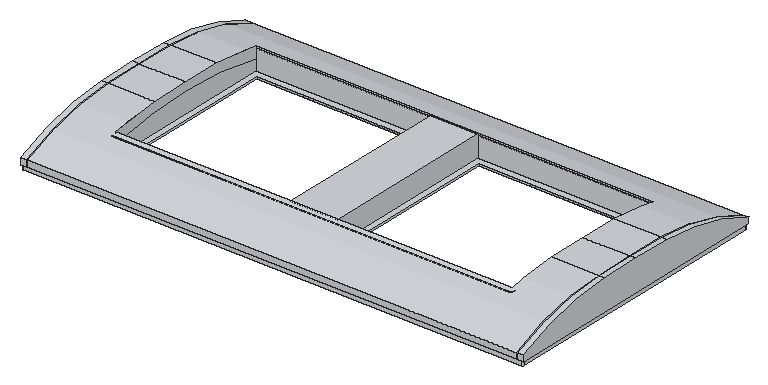
Revit family "Gira_0212723", category Electrical Fixtures, host Face, Revit 2017
Family settings
  Host = Face
  Maintain Annotation Orientation = No
  Round Connector Dimension = Use Diameter
  Part Type = Normal
  Cut with Voids When Loaded = No
  Shared = No
  Room Calculation Point = No
Parameters (values of type "Abdeckrahmen 2f Zwischenr. RW Gira Event Klar Weiß")
  Werkstoffgüte = "Thermoplast"
  Werkstoff = "Kunststoff"
  URL = "http://katalog.gira.de/de_DE/datenblatt.html?artikelnr=0212723"
  Transparent = "No"
  Textfeld/Beschriftungsfläche = "No"
  Schutzart (IP) = "IP20"
  Region = "DE"
  Oberfläche = "sonstige"
  Name = "Abdeckrahmen 2f Zwischenr. RW Gira Event Klar Weiß"
  Montagerichtung = "horizontal und vertikal"
  Mit Montagerahmen = "No"
  Mit Klappdeckel = "No"
  Manufacturer URL = "https://www.gira.de/"
  Keynote = "Event_Rahmen_2fach"
  HeinzeBIM = "https://bimportal.heinze.de/bim/abdeckrahmen-2f-zwischenr-rw-gira-event-klar-weiss/7d542c103634d0174596c802cec49dde8ae156fe"
  Halogenfrei = "Yes"
  HAN = "0212723"
  Geeignet für Unterputz-Installation = "Yes"
  Geeignet für Unterflurkanaldose = "No"
  Geeignet für Geräteeinbaukanal = "No"
  Geeignet für Einbauinstallation = "No"
  GTIN = "4010337068662"
  Farbe = "weiß"
  Default Elevation = 1219.2 mm
  Data sheet (1) = "https://katalog.gira.de/de_DE/download.html?artikelnr=0212723"
  Category = "Abdeckrahmen"
  Befestigungsart = "Klemmbefestigung"
  Available = "Yes"
  Anzahl der Einheiten vertikal = "2 "
  Anzahl der Einheiten horizontal = "2 "
  Anzahl der Einheiten = "2 "
Reference planes
  plane 1 "Center (Front/Back)": y = 0
  plane 2: z = 0
  plane 3 "Center (Left/Right)": x = 0
Forms (mm)
  Extrusion 1, solid, detail levels fine
    sketch origin (0, 0, 0.05) x (0, 1, 0) y (0, 0, 1)
      loop
        arc (12.445, 9.683) -> (6.223, 9.833) -> (0, 9.85) r 291.636
        arc (0, 9.85) -> (-6.223, 9.833) -> (-12.445, 9.683) r 291.636
        arc (-12.445, 9.683) -> (-29.14, 7.482) -> (-45, 1.823) r 79.728
        line (-45, 1.823) -> (-45, -0.05) -> (-42.086, -0.05)
        arc (-42.086, -0.05) -> (-21.385, 5.559) -> (0, 7.206) r 114.424
        arc (0, 7.206) -> (21.385, 5.559) -> (42.086, -0.05) r 114.424
        line (42.086, -0.05) -> (45, -0.05) -> (45, 1.823)
        arc (45, 1.823) -> (29.14, 7.482) -> (12.445, 9.683) r 79.728
    from -78.55 to 78.55
  Extrusion 2, void, detail levels fine
    sketch origin (0, 0, 0) x (1, 0, 0) y (0, 1, 0)
      loop
        line (-63.55, -27.937) -> (63.55, -27.937) -> (63.55, 28.063) -> (-63.55, 28.063) -> (-63.55, -27.937)
    from 0.724 to 11
  Extrusion 3, solid, detail levels coarse
    sketch origin (0, 0, 0) x (1, 0, 0) y (0, 1, 0)
      loop
        line (-80.55, 45) -> (-80.55, -45) -> (80.55, -45) -> (80.55, 45) -> (-80.55, 45)
    from -1.5 to 9.9
  Extrusion 4, solid, detail levels medium
    sketch origin (0, 0, 0.05) x (0, 1, 0) y (0, 0, 1)
      loop
        arc (12.445, 9.683) -> (6.223, 9.833) -> (0, 9.85) r 291.636
        arc (0, 9.85) -> (-6.223, 9.833) -> (-12.445, 9.683) r 291.636
        arc (-12.445, 9.683) -> (-29.14, 7.482) -> (-45, 1.823) r 79.728
        line (-45, 1.823) -> (-45, -0.05) -> (45, -0.05) -> (45, 1.823)
        arc (45, 1.823) -> (29.14, 7.482) -> (12.445, 9.683) r 79.728
    from -80.55 to 80.55
  Extrusion 5, solid, detail levels fine
    sketch origin (-35.55, 0, -1.5) x (0, 1, 0) y (0, 0, -1)
      loop
        line (45, -3.373) -> (45, -1.5) -> (-45, -1.5) -> (-45, -3.373)
        arc (-45, -3.373) -> (-29.14, -9.032) -> (-12.445, -11.233) r 79.728
        arc (-12.445, -11.233) -> (-6.223, -11.383) -> (0, -11.4) r 291.636
        arc (0, -11.4) -> (6.223, -11.383) -> (12.445, -11.233) r 291.636
        arc (12.445, -11.233) -> (29.14, -9.032) -> (45, -3.373) r 79.728
    from 43 to 45
  Extrusion 6, solid, detail levels fine
    sketch origin (0, 0, 0) x (1, 0, 0) y (0, 1, 0)
      loop
        line (-61.45, 25.7) -> (-61.45, -25.7) -> (-9.65, -25.7) -> (-9.65, 25.7) -> (-61.45, 25.7)
      loop
        line (61.45, -25.7) -> (61.45, 25.7) -> (9.65, 25.7) -> (9.65, -25.7) -> (61.45, -25.7)
      loop
        line (-64.445, 28.49) -> (-64.445, -28.495)
        spline (-64.445, -28.495) -> (-64.436, -28.625) -> (-64.411, -28.754) -> (-64.369, -28.878) -> (-64.311, -28.995) -> (-64.238, -29.104) -> (-64.152, -29.202) -> (-64.054, -29.288) -> (-63.945, -29.361) -> (-63.828, -29.419) -> (-63.704, -29.461) -> (-63.575, -29.486) -> (-63.445, -29.495)
        line (-63.445, -29.495) -> (63.445, -29.495)
        spline (63.445, -29.495) -> (63.575, -29.486) -> (63.704, -29.461) -> (63.828, -29.419) -> (63.945, -29.361) -> (64.054, -29.288) -> (64.152, -29.202) -> (64.238, -29.104) -> (64.311, -28.995) -> (64.369, -28.878) -> (64.411, -28.754) -> (64.436, -28.625) -> (64.445, -28.495)
        line (64.445, -28.495) -> (64.445, 28.49)
        spline (64.445, 28.49) -> (64.436, 28.62) -> (64.411, 28.748) -> (64.369, 28.872) -> (64.311, 28.99) -> (64.238, 29.098) -> (64.152, 29.197) -> (64.054, 29.283) -> (63.945, 29.356) -> (63.828, 29.413) -> (63.704, 29.456) -> (63.575, 29.481) -> (63.445, 29.49)
        line (63.445, 29.49) -> (-63.445, 29.49)
        spline (-63.445, 29.49) -> (-63.575, 29.481) -> (-63.704, 29.456) -> (-63.828, 29.413) -> (-63.945, 29.356) -> (-64.054, 29.283) -> (-64.152, 29.197) -> (-64.238, 29.098) -> (-64.311, 28.99) -> (-64.369, 28.872) -> (-64.411, 28.748) -> (-64.436, 28.62) -> (-64.445, 28.49)
    from 0.1 to 7.3
  Extrusion 7, solid
    sketch origin (0, 0, 0) x (1, 0, 0) y (0, 1, 0)
      loop
        arc (-80.25, -44.2) -> (-80.104, -44.554) -> (-79.75, -44.7) r 0.5
        line (-79.75, -44.7) -> (79.75, -44.7)
        arc (79.75, -44.7) -> (80.104, -44.554) -> (80.25, -44.2) r 0.5
        line (80.25, -44.2) -> (80.25, 44.2)
        arc (80.25, 44.2) -> (80.104, 44.554) -> (79.75, 44.7) r 0.5
        line (79.75, 44.7) -> (-79.75, 44.7)
        arc (-79.75, 44.7) -> (-80.104, 44.554) -> (-80.25, 44.2) r 0.5
        line (-80.25, 44.2) -> (-80.25, -44.2)
      loop
        line (-78.55, 43) -> (-78.55, -43) -> (78.55, -43) -> (78.55, 43) -> (-78.55, 43)
    from -1.5 to 0.5
  Extrusion 8, solid, detail levels fine
    sketch origin (35.55, 0, -1.5) x (0, 1, 0) y (0, 0, 1)
      loop
        arc (45, 3.373) -> (29.14, 9.032) -> (12.445, 11.233) r 79.728
        arc (12.445, 11.233) -> (6.223, 11.383) -> (0, 11.4) r 291.636
        arc (0, 11.4) -> (-6.223, 11.383) -> (-12.445, 11.233) r 291.636
        arc (-12.445, 11.233) -> (-29.14, 9.032) -> (-45, 3.373) r 79.728
        line (-45, 3.373) -> (-45, 1.5) -> (45, 1.5) -> (45, 3.373)
    from 43 to 45
  Extrusion 9, solid, detail levels medium
    sketch origin (0, 0, 0) x (1, 0, 0) y (0, 1, 0)
      loop
        line (-80.25, -44.7) -> (80.25, -44.7) -> (80.25, 44.7) -> (-80.25, 44.7) -> (-80.25, -44.7)
    from -1.5 to 0.5
  Extrusion 10, solid, detail levels fine
    sketch origin (0, 0, 0) x (1, 0, 0) y (0, 1, 0)
      loop
        line (-7.55, 28.063) -> (-7.55, -27.937) -> (7.55, -27.937) -> (7.55, 28.063) -> (-7.55, 28.063)
    from 0.724 to 7.566
Cuts and joins
  Extrusion 2 cuts Extrusion 1
  Extrusion 2 cuts Extrusion 6
Dimensions and locks
  aligned and locked: plane 2 to host face
  aligned and locked: level to host face
